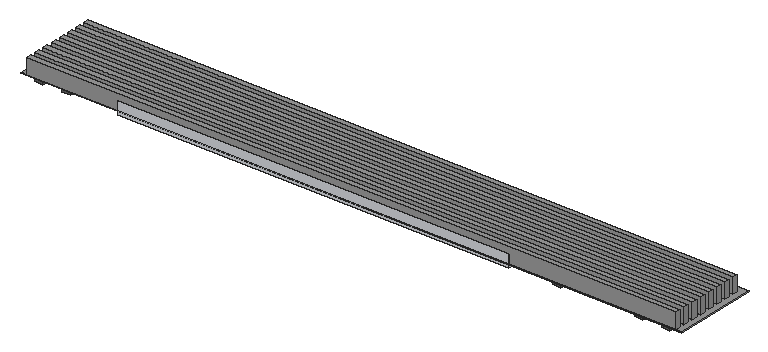
Revit family "1113-8, Veneer", category Generic Models, host Face, Revit 2020
Family settings
  Host = Face
  Can host rebar = No
  Round Connector Dimension = Use Diameter
  Part Type = Normal
  Cut with Voids When Loaded = No
  Shared = No
  Room Calculation Point = No
Parameters
  min_value [instance] = 1' - 11 1/4"  # constant formula
  max_value [instance] = 9' - 11 1/4"  # constant formula
  actual_value [instance] = if(NET LENGTH < min_value, min_value, if(NET LENGTH > max_value, max_value, NET LENGTH))  # 7' - 11 1/4"
  SCRIM MATERIAL [instance] = SCRIM
  SCRIM [instance] = yes
  NET LENGTH [instance] = 7' - 11 1/4"
  Default Elevation = 4' - 0"
  BACKER MATERIAL [instance] = BLACK-BACKERS
  .. MEMBER WIDTH [instance] = 0' - 0 3/4"  # constant formula
  .. MEMBER MATERIAL [instance] = Veneer Cherry
  .. MEMBER LENGTH [instance] = actual_value  # 7' - 11 1/4"
  .. MEMBER DEPTH [instance] = 0' - 2 1/4"  # constant formula
  .. MEMBER COUNT [instance] = 8  # constant formula
  IMPORTANT NOTE!!!                                                                             *Backer layout is for visualization purposes only, final layout to be determined by 9Wood. [instance] = ""
Reference planes (in)
  plane 1 "Center (Front/Back)": y = 0
  plane 2: z = 1.82209
  plane 3 "Center (Left/Right)": x = 0
Forms (in)
  Extrusion 1, solid
    sketch origin (132, -33.80483, 0) x (1, 0, 0) y (0, 1, 0)
      loop
        line (-118.625, 33.80483) -> (-61.26146, 33.80483) -> (-61.26146, 45.86733) -> (-118.625, 45.86733) -> (-118.625, 33.80483)
    from 1.82209 to 0
Dimensions and locks (in)
  aligned and locked: Extrusion 1 to plane 2
  aligned and locked: plane 3 "Center (Left/Right)" to nested 1
Nested families (in)
  nested 1: "1100 SERIES CONFIG" at (0, 2, 0), .. MEMBER DEPTH <- ".. MEMBER DEPTH", .. MEMBER LENGTH <- ".. MEMBER LENGTH", .. MEMBER WIDTH <- ".. MEMBER WIDTH", .. MEMBER MATERIAL <- ".. MEMBER MATERIAL", BACKING M MATERIAL <- "BACKER MATERIAL", SCRIM  MATERIAL <- "SCRIM MATERIAL", .. MEMBER COUNT <- ".. MEMBER COUNT", SCRIM <- "SCRIM", type "1100 SERIES CONFIG"
    with X 7' - 8", SCRIM OVERHANG 2 0' - 0 3/32", SCRIM OVERHANG 0' - 0 7/8", SCRIM LENGTH 8' - 1", SCRIM  MATERIAL SCRIM, SCRIM yes, NOMINAL LENGTH 7, N 8, Inset 6' - 0 3/8", INSET 0' - 1", INDEX 0' - 5 5/8", HALF MEMBER WIDTH 0' - 0 3/8", HALF LENGTH 3' - 11 5/8", END BACKER yes, BACKING M WIDTH 0' - 1 1/4", BACKING M OC SPACING 1' - 0", BACKING M MATERIAL BLACK-BACKERS, BACKING M LENGTH 0' - 11 7/8", BACKING M DEPTH 0' - 0 1/2", BACKING M COUNT 8, 3/16" INSET 0' - 0 3/16", .. MEMBER WIDTH 0' - 0 3/4", .. MEMBER OC SPACING 0' - 1 1/2", .. MEMBER MATERIAL Veneer Cherry, .. MEMBER LENGTH 7' - 11 1/4", .. MEMBER DEPTH 0' - 2 1/4", .. MEMBER COUNT 8
Definition of nested family "1100 SERIES CONFIG"
  Parameters (values of type "1100 SERIES CONFIG")
    X [instance] = .. MEMBER LENGTH - 0' 3 1/4"  # 5' - 5"
    SCRIM OVERHANG 2 [instance] = 0' - 0 3/32"  # constant formula
    SCRIM OVERHANG [instance] = 0' - 0 7/8"  # constant formula
    SCRIM LENGTH [instance] = .. MEMBER LENGTH + (SCRIM OVERHANG * 2)  # 5' - 10"
    SCRIM  MATERIAL [instance] = none
    SCRIM [instance] = yes
    NOMINAL LENGTH [instance] = 7
    N [instance] = if((X - (rounddown(X / 1' 0") * 1' 0")) > 1' 0", rounddown(X / 1' 0") + 2, rounddown(X / 1' 0") + 1)  # 6
    Inset [instance] = 6' - 0 3/8"  # constant formula
    INSET [instance] = 0' - 1"  # constant formula
    END BACKER [instance] = INDEX > 0' 3 5/8"  # yes
    INDEX [instance] = (.. MEMBER LENGTH - ((N - 1) * 1' 0")) / 2  # 0' - 4 1/8"
    HALF MEMBER WIDTH [instance] = .. MEMBER WIDTH / 2  # 0' - 0 5/16"
    HALF LENGTH [instance] = .. MEMBER LENGTH / 2  # 2' - 10 1/8"
    Default Elevation = 0' - 0"
    BACKING M WIDTH [instance] = 0' - 1 1/4"
    BACKING M SPACING = 3' - 3"
    BACKING M MATERIAL [instance] = none
    BACKING M LENGTH [instance] = 0' - 11 7/8"
    BACKING M DEPTH [instance] = 0' - 0 1/2"
    BACKING M COUNT [instance] = N  # 6
    BACKING M OC SPACING [instance] = 1' - 0"  # constant formula
    3/16" INSET [instance] = 0' - 0 3/16"  # constant formula
    .. MEMBER WIDTH [instance] = 0' - 0 5/8"
    .. MEMBER OC SPACING [instance] = 1' 0" / .. MEMBER COUNT  # 0' - 4"
    .. MEMBER MATERIAL [instance] = none
    .. MEMBER LENGTH [instance] = 5' - 8 1/4"
    .. MEMBER DEPTH [instance] = 0' - 1 3/8"
    .. MEMBER COUNT [instance] = 3
  Reference planes (in)
    plane 1 "Center (Front/Back)": y = -2
    plane 2: z = 0
    plane 3 "Center (Left/Right)": x = 0
    plane 4: x = 1
    plane 5: x = 4.125
    plane 6: x = 34.125
    plane 7: x = 68.25
    plane 8: x = 67.25
    plane 9: x = 16.125
    plane 10: y = -1.8125
    plane 11: y = -1.6875
    plane 12: y = 2.3125
    plane 13: x = 69.125
    plane 14: x = -0.875
    plane 15: z = 0.5
    plane 16: z = 0.5625
    plane 17: y = 10.0625
    plane 18: y = 10.15625
    plane 19: y = -2.09375
  Dimensions and locks (in)
    "INSET": plane 3 "Center (Left/Right)" to plane 4
    "INDEX": plane 3 "Center (Left/Right)" to plane 5
    "HALF LENGTH": plane 3 "Center (Left/Right)" to plane 6
    ".. MEMBER LENGTH": plane 3 "Center (Left/Right)" to plane 7
    "INSET": plane 8 to plane 7
    equal spacing: group 2, group 3, group 6, group 7, group 8, group 9  (x3)
    "3/16" INSET": plane 1 "Center (Front/Back)" to plane 10
    ".. MEMBER OC SPACING": plane 12 to plane 11
    "SCRIM OVERHANG": plane 14 to plane 3 "Center (Left/Right)"
    "SCRIM OVERHANG": plane 7 to plane 13
    equal spacing: group 1, group 4, group 5  (x2)
    equal spacing: group 5, group 4, group 1
    "HALF MEMBER WIDTH": plane 1 "Center (Front/Back)" to plane 11
    "BACKING M OC SPACING": plane 5 to plane 9
    "SCRIM OVERHANG 2": plane 18 to plane 17
    "SCRIM OVERHANG 2": plane 19 to plane 1 "Center (Front/Back)"
    aligned and locked: level to plane 2
    aligned and locked: plane 6 to nested 1
    aligned and locked: nested 2 to plane 4
    aligned and locked: plane 5 to nested 3
    aligned and locked: plane 1 "Center (Front/Back)" to nested 1
    aligned and locked: nested 2 to plane 10
    aligned and locked: nested 3 to plane 10
    aligned and locked: nested 5 to plane 10
    aligned and locked: nested 4 to plane 10
    aligned and locked: nested 6 to plane 14
    aligned and locked: plane 12 to nested 7
    aligned and locked: nested 7 to plane 3 "Center (Left/Right)"
    aligned and locked: plane 9 to nested 5
    aligned and locked: plane 8 to nested 4
    aligned and locked: plane 15 to nested 2
    aligned and locked: nested 6 to plane 15
    aligned and locked: nested 1 to plane 16
    aligned and locked: nested 7 to plane 16
    aligned and locked: nested 6 to plane 19
  Nested families (in)
    nested 1: "INSTANCE - Parametric Cube" at (34.125, -1.6875, 1.9375), Length <- ".. MEMBER WIDTH", Height <- ".. MEMBER DEPTH", Width <- ".. MEMBER LENGTH", Material <- ".. MEMBER MATERIAL", type "INSTANCE - Parametric Cube"
      with Width 5' - 8 1/4", Material none, Length 0' - 0 5/8", Height 0' - 1 3/8"
    nested 2: "2ND INSTANCE - Parametric Cube" at (1.625, 4.125, 0), Height <- "BACKING M DEPTH", Length <- "BACKING M LENGTH", Width <- "BACKING M WIDTH", Material <- "BACKING M MATERIAL", visible <- "END BACKER", type "2ND INSTANCE - Parametric Cube"
      with Width 0' - 1 1/4", Material none, Length 0' - 11 7/8", Height 0' - 0 1/2"
    nested 3: "2ND INSTANCE - Parametric Cube" at (4.125, 4.125, 0), Length <- "BACKING M LENGTH", Height <- "BACKING M DEPTH", Width <- "BACKING M WIDTH", Material <- "BACKING M MATERIAL", type "2ND INSTANCE - Parametric Cube"
      with Width 0' - 1 1/4", Material none, Length 0' - 11 7/8", Height 0' - 0 1/2"
    nested 4: "2ND INSTANCE - Parametric Cube" at (66.625, 4.125, 0), Width <- "BACKING M WIDTH", Length <- "BACKING M LENGTH", Height <- "BACKING M DEPTH", Material <- "BACKING M MATERIAL", visible <- "END BACKER", type "2ND INSTANCE - Parametric Cube"
      with Width 0' - 1 1/4", Material none, Length 0' - 11 7/8", Height 0' - 0 1/2"
    nested 5: "2ND INSTANCE - Parametric Cube" at (16.125, 4.125, 0), Length <- "BACKING M LENGTH", Height <- "BACKING M DEPTH", Width <- "BACKING M WIDTH", Material <- "BACKING M MATERIAL", type "2ND INSTANCE - Parametric Cube"
      with Width 0' - 1 1/4", Material none, Length 0' - 11 7/8", Height 0' - 0 1/2"
    nested 6: "3RD INSTANCE - Parametric Cube" at (34.125, 4.0445, 0.5), Width <- "SCRIM LENGTH", Material <- "SCRIM  MATERIAL", visible <- "SCRIM", type "3RD INSTANCE - Parametric Cube"
      with Width 5' - 10", Material none, Length 1' - 0.27649", Height 0' - 0 1/16"
    nested 7: "INSTANCE - Parametric Cube" at (34.125, 2.3125, 1.9375), Length <- ".. MEMBER WIDTH", Height <- ".. MEMBER DEPTH", Width <- ".. MEMBER LENGTH", Material <- ".. MEMBER MATERIAL", type "INSTANCE - Parametric Cube"
      with Width 5' - 8 1/4", Material none, Length 0' - 0 5/8", Height 0' - 1 3/8"
    nested 8: "INSTANCE - Parametric Cube" at (34.125, 6.3125, 1.9375), Length <- ".. MEMBER WIDTH", Height <- ".. MEMBER DEPTH", Width <- ".. MEMBER LENGTH", Material <- ".. MEMBER MATERIAL", type "INSTANCE - Parametric Cube"
      with Width 5' - 8 1/4", Material none, Length 0' - 0 5/8", Height 0' - 1 3/8"
    nested 9: "2ND INSTANCE - Parametric Cube" at (28.125, 4.125, 0), Length <- "BACKING M LENGTH", Height <- "BACKING M DEPTH", Width <- "BACKING M WIDTH", Material <- "BACKING M MATERIAL", type "2ND INSTANCE - Parametric Cube"
      with Width 0' - 1 1/4", Material none, Length 0' - 11 7/8", Height 0' - 0 1/2"
    nested 10: "2ND INSTANCE - Parametric Cube" at (40.125, 4.125, 0), Length <- "BACKING M LENGTH", Height <- "BACKING M DEPTH", Width <- "BACKING M WIDTH", Material <- "BACKING M MATERIAL", type "2ND INSTANCE - Parametric Cube"
      with Width 0' - 1 1/4", Material none, Length 0' - 11 7/8", Height 0' - 0 1/2"
    nested 11: "2ND INSTANCE - Parametric Cube" at (52.125, 4.125, 0), Length <- "BACKING M LENGTH", Height <- "BACKING M DEPTH", Width <- "BACKING M WIDTH", Material <- "BACKING M MATERIAL", type "2ND INSTANCE - Parametric Cube"
      with Width 0' - 1 1/4", Material none, Length 0' - 11 7/8", Height 0' - 0 1/2"
    nested 12: "2ND INSTANCE - Parametric Cube" at (64.125, 4.125, 0), Length <- "BACKING M LENGTH", Height <- "BACKING M DEPTH", Width <- "BACKING M WIDTH", Material <- "BACKING M MATERIAL", type "2ND INSTANCE - Parametric Cube"
      with Width 0' - 1 1/4", Material none, Length 0' - 11 7/8", Height 0' - 0 1/2"
  Definition of nested family "INSTANCE - Parametric Cube"
    Parameters (values of type "INSTANCE - Parametric Cube")
      Width [instance] = 0' - 6"
      Material [instance] = none
      Length [instance] = 1' - 0"
      Height [instance] = 1' - 6"
      Default Elevation = 0' - 0"
    Reference planes (in)
      plane 1 "Center (Front/Back)": y = 0
      plane 2: z = 0
      plane 3 "Center (Left/Right)": x = 0
      plane 4: x = -3
      plane 5: x = 3
      plane 6: y = 6
      plane 7: y = -6
      plane 8: z = -18
    Forms (in)
      Extrusion 1, solid, material <- "Material"
        sketch origin (0, 0, 0) x (1, 0, 0) y (0, 1, 0)
          loop
            line (-3, 6) -> (-3, -6) -> (3, -6) -> (3, 6) -> (-3, 6)
        from -18 to 0
    Dimensions and locks (in)
      equal spacing: plane 4, plane 3 "Center (Left/Right)", plane 5
      equal spacing: plane 6, plane 1 "Center (Front/Back)", plane 7
      "Length": plane 6 to plane 7
      "Width": plane 4 to plane 5
      "Height": plane 8 to level
      aligned and locked: plane 2 to level
      aligned and locked: Extrusion 1 sketch curve to plane 6
      aligned and locked: plane 4 to Extrusion 1 sketch curve
      aligned and locked: plane 7 to Extrusion 1 sketch curve
      aligned and locked: Extrusion 1 sketch curve to plane 5
      aligned and locked: Extrusion 1 to plane 8
  Definition of nested family "2ND INSTANCE - Parametric Cube"
    Parameters (values of type "2ND INSTANCE - Parametric Cube")
      Width [instance] = 0' - 6"
      Material [instance] = none
      Length [instance] = 1' - 0"
      Height [instance] = 1' - 6"
      Default Elevation = 0' - 0"
    Reference planes (in)
      plane 1 "Center (Front/Back)": y = 0
      plane 2: z = 0
      plane 3 "Center (Left/Right)": x = 0
      plane 4: x = -3
      plane 5: x = 3
      plane 6: y = 6
      plane 7: y = -6
      plane 8: z = 18
    Forms (in)
      Extrusion 1, solid, material <- "Material"
        sketch origin (0, 0, 0) x (1, 0, 0) y (0, 1, 0)
          loop
            line (-3, 6) -> (-3, -6) -> (3, -6) -> (3, 6) -> (-3, 6)
        from 0 to 18
    Dimensions and locks (in)
      equal spacing: plane 4, plane 3 "Center (Left/Right)", plane 5
      equal spacing: plane 6, plane 1 "Center (Front/Back)", plane 7
      "Length": plane 6 to plane 7
      "Width": plane 4 to plane 5
      "Height": level to plane 8
      aligned and locked: plane 2 to level
      aligned and locked: Extrusion 1 sketch curve to plane 6
      aligned and locked: plane 4 to Extrusion 1 sketch curve
      aligned and locked: plane 7 to Extrusion 1 sketch curve
      aligned and locked: Extrusion 1 sketch curve to plane 5
      aligned and locked: plane 8 to Extrusion 1
      aligned and locked: Extrusion 1 to level
  Definition of nested family "3RD INSTANCE - Parametric Cube"
    Parameters (values of type "3RD INSTANCE - Parametric Cube")
      Width [instance] = 0' - 6"
      Material [instance] = none
      Length [instance] = 1' - 0"
      Height [instance] = 1' - 6"
      Default Elevation = 0' - 0"
    Reference planes (in)
      plane 1 "Center (Front/Back)": y = 0
      plane 2: z = 0
      plane 3 "Center (Left/Right)": x = 0
      plane 4: x = -3
      plane 5: x = 3
      plane 6: y = 6
      plane 7: y = -6
      plane 8: z = 18
    Forms (in)
      Extrusion 1, solid, material <- "Material"
        sketch origin (0, 0, 0) x (1, 0, 0) y (0, 1, 0)
          loop
            line (-3, 6) -> (-3, -6) -> (3, -6) -> (3, 6) -> (-3, 6)
        from 0 to 18
    Dimensions and locks (in)
      equal spacing: plane 4, plane 3 "Center (Left/Right)", plane 5
      equal spacing: plane 6, plane 1 "Center (Front/Back)", plane 7
      "Length": plane 6 to plane 7
      "Width": plane 4 to plane 5
      "Height": level to plane 8
      aligned and locked: plane 2 to level
      aligned and locked: Extrusion 1 sketch curve to plane 6
      aligned and locked: plane 4 to Extrusion 1 sketch curve
      aligned and locked: plane 7 to Extrusion 1 sketch curve
      aligned and locked: Extrusion 1 sketch curve to plane 5
      aligned and locked: plane 8 to Extrusion 1
      aligned and locked: Extrusion 1 to level
